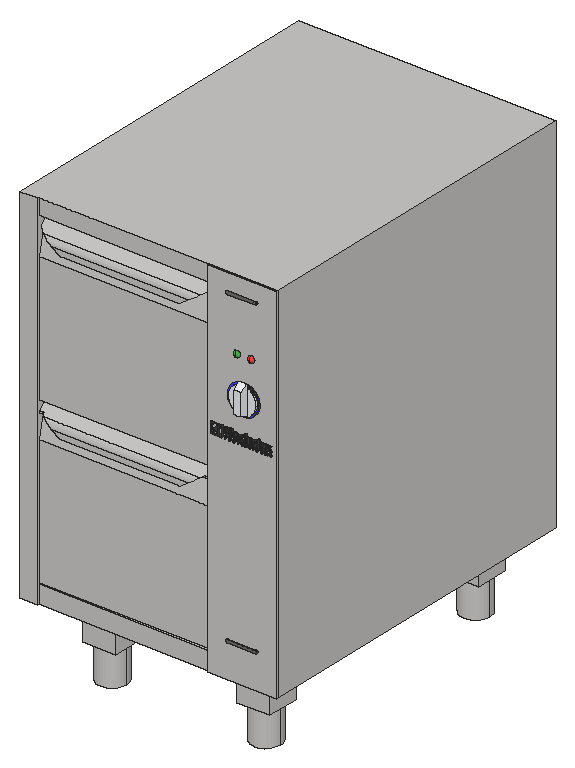
Revit family "QF_ELECTROLUXPROFESSIONAL_121832_TE2C5R", category Attrezzature speciali, Revit 2020
Family settings
  Quota connettore circolare = Usa diametro
  Tipo di parte = Normale
  Basato su piano di lavoro = No
  Sempre verticale = Sì
  Taglio con vuoti quando caricato = No
  Condiviso = No
  Punto di calcolo locali = No
Parameters (values of type "Standard")
  Weight = 38.00 kg
  Watts = 1400 W
  Volts = 230 V
  URL Manufacturer = "https://www.electroluxprofessional.com/"
  URL = "https://www.electroluxprofessional.com/"
  Steam Supply Size = 0 mm
  Steam Supply Minimum Pressure = 0.0 Pa
  Steam Supply Maximum Pressure = 0.0 Pa
  Steam Consumption per Hour = 0
  Refrigeration Suction Line Size = 0.0 mm
  Refrigeration Liquid Line Size = 0.0 mm
  Refrigerant Compressor Remote = yes
  Prospetto di default = 0.0 mm
  Phase = 1
  Modello = "TE2C5R"
  Produttore = "Electrolux Professional"
  Length Actual = 500.0 mm  # constant formula
  Item Number = "121832"
  Hot Water Size = 0 mm
  Height Actual = 860.0 mm  # constant formula
  HP = "1.9 HP"
  Gas Size = 0 mm
  Gas KW = 0
  Gas Input Pressure = 0 W
  Direct Waste Size = 0 mm
  Descrizione = "HOT CUPBOARD WITH 2 DRAWERS 500MM"
  Depth Actual = 680.0 mm  # constant formula
  Cycle = 50 Hz
  Condensate Return Size = 0 mm
  Compressed Air Volume = 0.0 L/s
  Compressed Air Size = 0 mm
  Compressed Air Pressure = 0.0 Pa
  Cold Water Size = 0 mm
  Accessory = yes
Reference planes
  plane 1 "Center (Front/Back)": y = 0
  plane 2: z = 0
  plane 3 "Center (Left/Right)": x = -300
  plane 4 "LEFT": x = -550
  plane 5 "RIGHT": x = -50
  plane 6 "BACK": y = 340
  plane 7 "FRONT": y = -340
  plane 8 "Base": z = 860
  plane 9 "TOP": z = 900
  plane 10: x = -450
  plane 11: x = -150
  plane 12: y = 270
  plane 13: y = -240
  plane 14 "FEET": z = 150
  plane 15: x = 152.5
  plane 16: x = -516
  plane 17: y = -337
  plane 18: y = 310
  plane 19: x = -184
Forms (mm)
  Extrusion 1, solid, material "QF_Finishes_Stainless Steel"
    sketch origin (0, 0, 150) x (-1, 0, 0) y (0, -1, 0)
      loop
        line (550, -340) -> (550, 340) -> (516, 340) -> (516, -340) -> (550, -340)
      loop
        line (184, -340) -> (184, 337) -> (50, 337) -> (50, -340) -> (184, -340)
    from 0 to 710
  Extrusion 2, solid, material "QF_Finishes_Stainless Steel"
    sketch origin (0, 0, 150) x (-1, 0, 0) y (0, -1, 0)
      loop
        line (516, -310) -> (516, 337) -> (184, 337) -> (184, -310) -> (516, -310)
    from 0 to 35
  Extrusion 3, solid, material "QF_Finishes_Stainless Steel"
    sketch origin (0, 0, 0) x (1, 0, 0) y (0, 1, 0)
      loop
        line (-516, -337) -> (-184, -337) -> (-184, 340) -> (-516, 340) -> (-516, -337)
    from 830 to 860
  Extrusion 4, solid, material "QF_Finishes_Stainless Steel"
    sketch origin (0, 0, 150) x (-1, 0, 0) y (0, -1, 0)
      loop
        line (516, -340) -> (516, -310) -> (184, -310) -> (184, -340) -> (516, -340)
    from 680 to 0
Cuts and joins
  joined: Extrusion 1, Extrusion 3, Extrusion 4
Lines and regions (mm)
  symbolic lines, style "SpecialityEquipmentHiddenLines"
    curve 1: line (-50, 340, 900) -> (-550, 340, 900)
    curve 2: line (-50, -340, 900) -> (-50, 340, 900)
    curve 3: line (-550, -344.5, 150) -> (-550, 340, 150)
    curve 4: line (-550, -340, 150) -> (-516, -340, 150)
    curve 5: line (-516, -340, 150) -> (-516, -337, 150)
    curve 6: line (-516, -337, 150) -> (-184, -337, 150)
    curve 7: line (-184, -337, 150) -> (-184, -340, 150)
    curve 8: line (-184, -340, 150) -> (-50, -340, 150)
Dimensions and locks
  plane 4 "LEFT" to plane 5 "RIGHT" = 500.0 mm
  equal spacing: plane 4 "LEFT", plane 3 "Center (Left/Right)", plane 5 "RIGHT"
  plane 6 "BACK" to plane 7 "FRONT" = 680.0 mm
  equal spacing: plane 6 "BACK", plane 1 "Center (Front/Back)", plane 7 "FRONT"
  locked: plane 14 "FEET" to level at 150
  locked: plane 4 "LEFT" to plane 10 at 100
  locked: plane 11 to plane 5 "RIGHT" at 100
  locked: plane 4 "LEFT" to plane 16 at 34
  plane 17 to plane 7 "FRONT" = 3.0 mm
  plane 6 "BACK" to plane 18 = 30.0 mm
  locked: plane 6 "BACK" to plane 12 at 70
  locked: plane 13 to plane 7 "FRONT" at 100
  locked: plane 8 "Base" to level at 860
  locked: plane 9 "TOP" to level at 900
  plane 19 to plane 5 "RIGHT" = 134.0 mm
  aligned and locked: level to plane 2
  aligned and locked: plane 10 to nested 1
  aligned and locked: plane 11 to nested 2
  aligned and locked: nested 4 to plane 12
  aligned and locked: plane 10 to nested 3
  aligned and locked: nested 3 to plane 12
  aligned and locked: plane 8 "Base" to Extrusion 1
  aligned and locked: plane 6 "BACK" to Extrusion 1 sketch curve
  aligned and locked: Extrusion 1 sketch curve to plane 6 "BACK"
  aligned and locked: Extrusion 1 sketch curve to plane 7 "FRONT"
  aligned and locked: plane 16 to Extrusion 1
  aligned and locked: Extrusion 2 to plane 16
  aligned and locked: plane 8 "Base" to Extrusion 3
  aligned and locked: Extrusion 2 to plane 17
  aligned and locked: Extrusion 2 to plane 18
  aligned and locked: Extrusion 3 to plane 17
  aligned and locked: plane 16 to Extrusion 4 sketch curve
  aligned and locked: Extrusion 4 sketch curve to plane 6 "BACK"
  aligned and locked: Extrusion 4 sketch curve to plane 18
  aligned and locked: Extrusion 4 to Extrusion 3
  aligned and locked: Extrusion 4 to plane 14 "FEET"
  aligned and locked: plane 6 "BACK" to Extrusion 3
  aligned and locked: nested 1 to plane 13
  aligned and locked: nested 2 to plane 13
  aligned and locked: plane 19 to Extrusion 3
  aligned and locked: Extrusion 2 sketch curve to plane 19
Automatic sketch dimensions
  curve 2 to plane 5 "RIGHT" = 0.0 mm
  curve 2 to plane 7 "FRONT" = 0.0 mm
  curve 1 to plane 4 "LEFT" = 0.0 mm
  curve 1 to plane 6 "BACK" = 0.0 mm
  Extrusion 2 sketch curve to plane 16 = 0.0 mm
  plane 18 to Extrusion 2 sketch curve = 0.0 mm
  Extrusion 2 sketch curve to plane 17 = 0.0 mm
  curve 8 to plane 5 "RIGHT" = 0.0 mm
  curve 8 to plane 7 "FRONT" = 0.0 mm
  curve 6 to plane 16 = 0.0 mm
  curve 3 to plane 4 "LEFT" = 0.0 mm
  curve 3 to plane 6 "BACK" = 0.0 mm
  curve 6 to plane 17 = 0.0 mm
  curve 4 to plane 7 "FRONT" = 0.0 mm
  curve 4 to curve 3 = 4.5 mm
  Extrusion 3 sketch curve to plane 16 = 0.0 mm
  Extrusion 3 sketch curve to plane 17 = 0.0 mm
  Extrusion 3 sketch curve to plane 18 = 30.0 mm
  curve 8 to curve 8 = 134.0 mm
  Extrusion 3 sketch curve to plane 5 "RIGHT" = 134.0 mm
  Extrusion 4 sketch curve to plane 5 "RIGHT" = 134.0 mm
  Extrusion 1 sketch curve to plane 5 "RIGHT" = 0.0 mm
  Extrusion 1 sketch curve to plane 17 = 0.0 mm
  Extrusion 1 sketch curve to plane 16 = 0.0 mm
  Extrusion 1 sketch curve to plane 4 "LEFT" = 0.0 mm
  Extrusion 1 sketch curve to Extrusion 1 sketch curve = 134.0 mm
Nested families
  nested 1: "FEET_L63-150" at (-450, -240, 0), type "FEET_L63-150"
  nested 2: "FEET_L63-150" at (-150, -240, 0), type "FEET_L63-150"
  nested 3: "FEET_L63-150" at (-450, 270, 0), type "FEET_L63-150"
  nested 4: "FEET_L63-150" at (-150, 270, 0), type "FEET_L63-150"
  nested 5: "PANEL_ELX_HOTCUP_134" at (-153.042, -337, 150) x (1, 0, 0) z (0, -1, 0), type "PANEL_ELX_HOTCUP_134"
    with Width 134.0 mm, Show Clearance yes
  nested 6: "H637_400_2DRAWERS" at (-386.042, -297, 150) x (1, 0, 0) z (0, -1, 0), type "H637_400_2drawers"
    with Width 400.0 mm, Show Clearance yes
Definition of nested family "FEET_L63-150"
  Parameters
    Default Elevation = 0.0 mm
    FEET = 150.0 mm
  Reference planes
    plane 1 "Center (Front/Back)": y = 0
    plane 2: z = 0
    plane 3 "Center (Left/Right)": x = 0
    plane 4: z = 150
  Forms (mm)
    Extrusion 1, solid
      sketch origin (0, 0, 0) x (1, 0, 0) y (0, 1, 0)
        loop
          circle (0, 0) r 28
      from 0 to 67
    Extrusion 2, solid
      sketch origin (0, 0, 0) x (1, 0, 0) y (0, 1, 0)
        loop
          line (31.561, 31.5) -> (-31.439, 31.5) -> (-31.439, -31.5) -> (31.561, -31.5) -> (31.561, 31.5)
      from 67 to 150 <- "FEET"
  Lines and regions (mm)
    symbolic lines
      curve 1: line (0, -1.503, 0) -> (0, 1.508, 0)
      curve 2: line (1.561, 0, 0) -> (-1.439, 0, 0)
  Dimensions and locks
    "FEET": plane 4 to plane 2
    aligned and locked: level to plane 2
  Automatic sketch dimensions
    plane 1 "Center (Front/Back)" to Extrusion 1 sketch curve = 0.0 mm
    Extrusion 1 sketch curve to plane 3 "Center (Left/Right)" = 0.0 mm
    plane 1 "Center (Front/Back)" to curve 2 = 0.0 mm
    curve 1 to plane 3 "Center (Left/Right)" = 0.0 mm
    curve 2 to plane 3 "Center (Left/Right)" = 1.439 mm
    plane 3 "Center (Left/Right)" to curve 2 = 1.561 mm
    plane 1 "Center (Front/Back)" to curve 1 = 1.503 mm
    curve 1 to plane 1 "Center (Front/Back)" = 1.508 mm
    Extrusion 2 sketch curve to plane 1 "Center (Front/Back)" = 31.5 mm
    Extrusion 2 sketch curve to plane 3 "Center (Left/Right)" = 31.439 mm
    plane 3 "Center (Left/Right)" to Extrusion 2 sketch curve = 31.561 mm
    plane 1 "Center (Front/Back)" to Extrusion 2 sketch curve = 31.5 mm
    radius of Extrusion 1 sketch curve = 28.0 mm
Definition of nested family "PANEL_ELX_HOTCUP_134"
  Parameters
    Width [instance] = 134.0 mm
    Show Clearance [instance] = yes
    Model = "727995"
    Height = 710.0 mm
    Default Elevation = 0.0 mm
  Reference planes
    plane 1 "Center (Front/Back)": y = 0
    plane 2: z = 0
    plane 3 "Center (Left/Right)": x = 36.042
    plane 4 "panel": z = 3
    plane 5 "Left": x = -30.958
    plane 6 "Right": x = 103.042
    plane 7: y = 710
    plane 8 "L1": x = 26.042
    plane 9 "L2": x = 54.042
    plane 10: y = 575
  Forms (mm)
    Extrusion 1, solid
      sketch origin (0, -919.2, 0) x (1, 0, 0) y (0, 1, 0)
        loop
          line (-980.5, 2119.2) -> (-980.5, -162.846) -> (881.94, -162.846) -> (881.94, 2119.2) -> (-980.5, 2119.2)
      from 0 to -59.546
    Extrusion 2, solid
      sketch origin (36.042, -190, 0) x (0, 1, 0) y (0, 0, 1)
        loop
          line (190, 3) -> (190, 0) -> (900, 0) -> (900, 3) -> (190, 3)
      from 67 to -67
    Extrusion 3, solid
      sketch origin (0, 0, 0) x (1, 0, 0) y (0, 1, 0)
        loop
          line (9.042, 673.5) -> (63.042, 673.5)
          arc (63.042, 673.5) -> (66.042, 676.5) -> (63.042, 679.5) r 3
          line (63.042, 679.5) -> (9.042, 679.5)
          arc (9.042, 679.5) -> (6.042, 676.5) -> (9.042, 673.5) r 3
        loop
          line (9.042, 65) -> (63.042, 65)
          arc (63.042, 65) -> (66.042, 68) -> (63.042, 71) r 3
          line (63.042, 71) -> (9.042, 71)
          arc (9.042, 71) -> (6.042, 68) -> (9.042, 65) r 3
      from 3 to 4.6
    Extrusion 4, solid
      sketch origin (0, 0, 0) x (1, 0, 0) y (0, 1, 0)
        loop
          circle (40.042, 500) r 30
      from 0 to 5
    Extrusion 5, solid
      sketch origin (0, 0, 0) x (1, 0, 0) y (0, 1, 0)
        loop
          circle (40.042, 500) r 26.788
      from 7 to 5
    Blend 6, solid
      base sketch origin (0, 0, 0) x (1, 0, 0) y (0, 1, 0)
        loop
          arc (48.106, 530.45) -> (40.022, 531.5) -> (31.94, 530.44) r 31.5
          line (31.94, 530.44) -> (31.94, 474.458)
          arc (31.94, 474.458) -> (40.023, 473.209) -> (48.106, 474.454) r 26.815
          line (48.106, 474.454) -> (48.106, 530.45)
      top sketch origin (0, 0, 0) x (1, 0, 0) y (0, 1, 0)
        loop
          arc (47.007, 520.889) -> (40.042, 522.019) -> (33.077, 520.889) r 22.019
          line (33.077, 520.889) -> (33.077, 480.699)
          arc (33.077, 480.699) -> (40.042, 479.481) -> (47.007, 480.699) r 20.519
          line (47.007, 480.699) -> (47.007, 520.889)
      from 7 to 20
    Revolve 7, solid
      sketch origin (26.042, 0, 0) x (0, 1, 0) y (0, 0, 1)
        loop
          line (575, 3) -> (581, 3)
          arc (581, 3) -> (578.606, 5.908) -> (575, 7) r 6.5
          line (575, 7) -> (575, 3)
        axis (575, 7) -> (575, 3)
      angle from 0 to 360
    Revolve 8, solid
      sketch origin (54.042, 0, 0) x (0, 1, 0) y (0, 0, 1)
        loop
          line (575, 3) -> (581, 3)
          arc (581, 3) -> (578.606, 5.908) -> (575, 7) r 6.5
          line (575, 7) -> (575, 3)
        axis (575, 7) -> (575, 3)
      angle from 0 to 360
  Dimensions and locks
    plane 4 "panel" to level = 3.0 mm
    "Width": plane 5 "Left" to plane 6 "Right"
    equal spacing: plane 5 "Left", plane 3 "Center (Left/Right)", plane 6 "Right"
    "Height": plane 1 "Center (Front/Back)" to plane 7
    aligned and locked: plane 2 to Extrusion 1
    aligned and locked: level to Extrusion 1
    aligned and locked: plane 7 to Extrusion 2
    aligned and locked: plane 6 "Right" to Extrusion 2
    aligned and locked: Extrusion 2 to plane 5 "Left"
    aligned and locked: plane 1 "Center (Front/Back)" to Extrusion 2
  Automatic sketch dimensions
    Extrusion 1 sketch curve to Extrusion 1 sketch curve = 1862.44 mm
    Extrusion 1 sketch curve to Extrusion 1 sketch curve = 2282.046 mm
    Extrusion 2 sketch curve to plane 1 "Center (Front/Back)" = 0.0 mm
    Extrusion 2 sketch curve to level = 0.0 mm
    Extrusion 2 sketch curve to plane 7 = 0.0 mm
    Extrusion 2 sketch curve to plane 4 "panel" = 0.0 mm
    Extrusion 3 sketch curve to plane 8 "L1" = 17.0 mm  (x2)
    plane 9 "L2" to Extrusion 3 sketch curve = 9.0 mm  (x2)
    Extrusion 3 sketch curve to plane 1 "Center (Front/Back)" = 65.0 mm
    Extrusion 3 sketch curve to Extrusion 3 sketch curve = 3.0 mm  (x2)
    Extrusion 3 sketch curve to plane 7 = 36.5 mm
    plane 3 "Center (Left/Right)" to Extrusion 4 sketch curve = 4.0 mm
    Extrusion 4 sketch curve to plane 10 = 75.0 mm
    plane 3 "Center (Left/Right)" to Extrusion 5 sketch curve = 4.0 mm
    Extrusion 5 sketch curve to plane 10 = 75.0 mm
    Blend 6 sketch curve to plane 3 "Center (Left/Right)" = 4.102 mm
    plane 3 "Center (Left/Right)" to Blend 6 sketch curve = 3.988 mm
    Blend 6 sketch curve to Blend 6 sketch curve = 0.012 mm
    Blend 6 sketch curve to plane 9 "L2" = 5.936 mm
    Blend 6 sketch curve to plane 10 = 100.546 mm
    Blend 6 sketch curve to Blend 6 sketch curve = 0.004 mm
    Blend 6 sketch curve to Blend 6 sketch curve = 0.024 mm
    Blend 6 sketch curve to Blend 6 sketch curve = 30.416 mm
    Blend 6 sketch curve to Blend 6 sketch curve = 0.0 mm  (x2)
    Blend 6 sketch curve to plane 3 "Center (Left/Right)" = 2.965 mm
    plane 3 "Center (Left/Right)" to Blend 6 sketch curve = 4.0 mm
    Blend 6 sketch curve to plane 9 "L2" = 7.035 mm
    Blend 6 sketch curve to plane 10 = 94.301 mm
    Blend 6 sketch curve to Blend 6 sketch curve = 19.301 mm
    Blend 6 sketch curve to Blend 6 sketch curve = 20.889 mm
    Revolve 7 sketch curve to plane 4 "panel" = 0.0 mm
    Revolve 7 sketch curve to plane 10 = 0.0 mm  (x2)
    plane 10 to Revolve 7 sketch curve = 6.0 mm
    level to Revolve 7 sketch curve = 0.5 mm
    Revolve 7 sketch curve to Revolve 7 sketch curve = 0.57 mm
    Revolve 7 sketch curve to Revolve 7 sketch curve = 2.941 mm
    Revolve 8 sketch curve to plane 4 "panel" = 0.0 mm
    Revolve 8 sketch curve to plane 10 = 0.0 mm  (x2)
    plane 10 to Revolve 8 sketch curve = 6.0 mm
    level to Revolve 8 sketch curve = 0.5 mm
    Revolve 8 sketch curve to Revolve 8 sketch curve = 0.57 mm
    Revolve 8 sketch curve to Revolve 8 sketch curve = 2.941 mm
    radius of Extrusion 4 sketch curve = 30.0 mm
    radius of Extrusion 5 sketch curve = 26.788 mm
  Nested families
    nested 1: "ELX_Professional_Logo_Small" at (36.042, 430.35, 3), type "ELX_Professional_Logo_Small"
      with Show Logo yes, Material_Logo none
  Definition of nested family "ELX_Professional_Logo_Small"
    Parameters
      Show Logo [instance] = yes
      Material_Logo [instance] = none
      Default Elevation = 0.0 mm
    Reference planes
      plane 1 "Centro (Fronte/Retro)": y = 0
      plane 2: z = 0
      plane 3 "Centro (Sinistra/Destra)": x = 0
    Forms (mm)
      Extrusion 1, solid
        sketch origin (0, 0, 0) x (1, 0, 0) y (0, 1, 0)
          loop
            line (-1219.2, 1219.2) -> (-1219.2, -1219.2) -> (1219.2, -1219.2) -> (1219.2, 1219.2) -> (-1219.2, 1219.2)
        from 0 to -304.8
      Extrusion 2, solid, material <- "Material_Logo"
        sketch origin (15.5, 0, 0) x (1, 0, 0) y (0, 1, 0)
          loop
            spline (-42.99, -1.24) -> (-43.195, -1.231) -> (-43.415, -1.203) -> (-43.642, -1.152) -> (-43.87, -1.074) -> (-44.095, -0.966) -> (-44.309, -0.825) -> (-44.506, -0.647) -> (-44.681, -0.429) -> (-44.828, -0.167) -> (-44.94, 0.142) -> (-45.011, 0.501) -> (-45.037, 0.915)
            line (-45.037, 0.915) -> (-45.037, 2.748) -> (-38.984, 2.748) -> (-38.984, 5.086) -> (-45.038, 5.086) -> (-45.038, 8.489) -> (-38.599, 8.489) -> (-38.599, 10.82) -> (-47.515, 10.82) -> (-47.515, 1.021)
            spline (-47.515, 1.021) -> (-47.493, 0.418) -> (-47.425, -0.15) -> (-47.311, -0.682) -> (-47.15, -1.175) -> (-46.939, -1.628) -> (-46.678, -2.038) -> (-46.365, -2.404) -> (-46, -2.723) -> (-45.58, -2.995) -> (-45.105, -3.216) -> (-44.573, -3.385) -> (-43.983, -3.499)
            line (-43.983, -3.499) -> (-43.01, -3.569) -> (-38.426, -3.569) -> (-38.426, -1.24) -> (-42.99, -1.24)
          loop
            line (-36.666, 4.021) -> (-36.666, -3.573) -> (-34.188, -3.573) -> (-34.188, 10.824) -> (-36.666, 10.824) -> (-36.666, 4.021)
          loop
            spline (-21.915, 1.897) -> (-21.957, 2.615) -> (-22.082, 3.303) -> (-22.285, 3.955) -> (-22.563, 4.564) -> (-22.913, 5.124) -> (-23.331, 5.629) -> (-23.814, 6.074) -> (-24.359, 6.451) -> (-24.961, 6.755) -> (-25.618, 6.98) -> (-26.326, 7.119) -> (-27.081, 7.167)
            spline (-27.081, 7.167) -> (-27.853, 7.122) -> (-28.586, 6.99) -> (-29.275, 6.774) -> (-29.915, 6.478) -> (-30.5, 6.104) -> (-31.024, 5.657) -> (-31.483, 5.138) -> (-31.871, 4.553) -> (-32.182, 3.904) -> (-32.411, 3.194) -> (-32.552, 2.427) -> (-32.6, 1.606)
            spline (-32.6, 1.606) -> (-32.553, 0.805) -> (-32.416, 0.057) -> (-32.193, -0.637) -> (-31.887, -1.271) -> (-31.504, -1.843) -> (-31.048, -2.35) -> (-30.523, -2.788) -> (-29.934, -3.154) -> (-29.284, -3.444) -> (-28.579, -3.656) -> (-27.822, -3.785) -> (-27.019, -3.829)
            spline (-27.019, -3.829) -> (-26.627, -3.82) -> (-26.239, -3.79) -> (-25.856, -3.739) -> (-25.477, -3.663) -> (-25.103, -3.562) -> (-24.734, -3.432) -> (-24.369, -3.273) -> (-24.01, -3.082) -> (-23.655, -2.858) -> (-23.305, -2.597) -> (-22.96, -2.299) -> (-22.621, -1.962)
            line (-22.621, -1.962) -> (-24.114, -0.509)
            spline (-24.114, -0.509) -> (-24.311, -0.699) -> (-24.509, -0.872) -> (-24.71, -1.03) -> (-24.915, -1.172) -> (-25.126, -1.297) -> (-25.346, -1.407) -> (-25.576, -1.5) -> (-25.817, -1.576) -> (-26.072, -1.636) -> (-26.342, -1.678) -> (-26.629, -1.704) -> (-26.936, -1.713)
            spline (-26.936, -1.713) -> (-27.384, -1.691) -> (-27.805, -1.625) -> (-28.196, -1.518) -> (-28.556, -1.372) -> (-28.882, -1.187) -> (-29.174, -0.966) -> (-29.429, -0.71) -> (-29.645, -0.422) -> (-29.821, -0.102) -> (-29.955, 0.247) -> (-30.045, 0.623) -> (-30.089, 1.026)
            line (-30.089, 1.026) -> (-21.956, 1.026) -> (-21.915, 1.897)
          loop
            spline (-24.446, 2.769) -> (-24.47, 3.075) -> (-24.54, 3.37) -> (-24.654, 3.65) -> (-24.807, 3.913) -> (-24.996, 4.156) -> (-25.219, 4.376) -> (-25.472, 4.57) -> (-25.753, 4.736) -> (-26.057, 4.869) -> (-26.382, 4.968) -> (-26.724, 5.03) -> (-27.081, 5.051)
            spline (-27.081, 5.051) -> (-27.464, 5.03) -> (-27.832, 4.97) -> (-28.183, 4.872) -> (-28.513, 4.74) -> (-28.819, 4.577) -> (-29.099, 4.384) -> (-29.347, 4.165) -> (-29.563, 3.923) -> (-29.742, 3.659) -> (-29.881, 3.377) -> (-29.977, 3.079) -> (-30.027, 2.769)
            line (-30.027, 2.769) -> (-24.446, 2.769)
          loop
            spline (-18.167, 1.669) -> (-18.138, 2.13) -> (-18.055, 2.567) -> (-17.921, 2.978) -> (-17.739, 3.358) -> (-17.512, 3.705) -> (-17.243, 4.016) -> (-16.937, 4.287) -> (-16.596, 4.517) -> (-16.223, 4.7) -> (-15.823, 4.835) -> (-15.398, 4.919) -> (-14.951, 4.947)
            spline (-14.951, 4.947) -> (-14.677, 4.938) -> (-14.414, 4.913) -> (-14.162, 4.871) -> (-13.921, 4.812) -> (-13.69, 4.738) -> (-13.467, 4.649) -> (-13.254, 4.544) -> (-13.048, 4.424) -> (-12.85, 4.291) -> (-12.659, 4.143) -> (-12.474, 3.981) -> (-12.295, 3.806)
            line (-12.295, 3.806) -> (-10.76, 5.403)
            spline (-10.76, 5.403) -> (-11.065, 5.709) -> (-11.38, 5.984) -> (-11.703, 6.228) -> (-12.035, 6.443) -> (-12.375, 6.63) -> (-12.723, 6.788) -> (-13.078, 6.92) -> (-13.44, 7.026) -> (-13.809, 7.107) -> (-14.184, 7.164) -> (-14.564, 7.198) -> (-14.951, 7.209)
            spline (-14.951, 7.209) -> (-15.725, 7.161) -> (-16.467, 7.02) -> (-17.169, 6.792) -> (-17.826, 6.482) -> (-18.43, 6.096) -> (-18.976, 5.637) -> (-19.455, 5.112) -> (-19.862, 4.525) -> (-20.19, 3.882) -> (-20.433, 3.189) -> (-20.584, 2.449) -> (-20.635, 1.669)
            spline (-20.635, 1.669) -> (-20.584, 0.889) -> (-20.433, 0.149) -> (-20.19, -0.545) -> (-19.862, -1.187) -> (-19.455, -1.774) -> (-18.976, -2.299) -> (-18.43, -2.758) -> (-17.826, -3.145) -> (-17.169, -3.454) -> (-16.467, -3.682) -> (-15.725, -3.823) -> (-14.951, -3.871)
            spline (-14.951, -3.871) -> (-14.564, -3.86) -> (-14.184, -3.826) -> (-13.809, -3.77) -> (-13.44, -3.689) -> (-13.078, -3.583) -> (-12.723, -3.451) -> (-12.375, -3.292) -> (-12.035, -3.105) -> (-11.703, -2.89) -> (-11.38, -2.646) -> (-11.065, -2.371) -> (-10.76, -2.066)
            line (-10.76, -2.066) -> (-12.295, -0.468)
            spline (-12.295, -0.468) -> (-12.474, -0.643) -> (-12.659, -0.805) -> (-12.85, -0.953) -> (-13.048, -1.087) -> (-13.254, -1.206) -> (-13.467, -1.311) -> (-13.69, -1.4) -> (-13.921, -1.475) -> (-14.162, -1.533) -> (-14.414, -1.575) -> (-14.677, -1.6) -> (-14.951, -1.609)
            spline (-14.951, -1.609) -> (-15.398, -1.581) -> (-15.823, -1.497) -> (-16.223, -1.362) -> (-16.596, -1.179) -> (-16.937, -0.95) -> (-17.243, -0.678) -> (-17.512, -0.367) -> (-17.739, -0.02) -> (-17.921, 0.36) -> (-18.055, 0.771) -> (-18.138, 1.208) -> (-18.167, 1.669)
          loop
            spline (-4.441, -1.243) -> (-4.659, -1.247) -> (-4.894, -1.23) -> (-5.137, -1.19) -> (-5.384, -1.121) -> (-5.628, -1.021) -> (-5.864, -0.884) -> (-6.084, -0.708) -> (-6.283, -0.488) -> (-6.454, -0.219) -> (-6.592, 0.101) -> (-6.69, 0.478) -> (-6.742, 0.914)
            line (-6.742, 0.914) -> (-6.742, 4.587) -> (-4.487, 4.587) -> (-4.487, 6.838) -> (-6.738, 6.838) -> (-6.738, 10.824) -> (-9.217, 10.824) -> (-9.217, 0.773)
            spline (-9.217, 0.773) -> (-9.164, 0.19) -> (-9.068, -0.358) -> (-8.928, -0.87) -> (-8.742, -1.343) -> (-8.511, -1.777) -> (-8.232, -2.168) -> (-7.904, -2.515) -> (-7.527, -2.816) -> (-7.098, -3.069) -> (-6.618, -3.273) -> (-6.084, -3.426) -> (-5.496, -3.525)
            line (-5.496, -3.525) -> (-4.45, -3.573) -> (-4.441, -1.243)
          loop
            spline (3.898, 6.983) -> (3.469, 7.009) -> (3.056, 7.001) -> (2.661, 6.961) -> (2.283, 6.888) -> (1.925, 6.785) -> (1.588, 6.652) -> (1.272, 6.49) -> (0.979, 6.301) -> (0.71, 6.085) -> (0.465, 5.844) -> (0.247, 5.578) -> (0.056, 5.289)
            line (0.056, 5.289) -> (0.056, 6.838) -> (-2.402, 6.838) -> (-2.402, -3.572) -> (0.056, -3.572) -> (0.056, 1.901)
            spline (0.056, 1.901) -> (0.079, 2.316) -> (0.145, 2.703) -> (0.254, 3.06) -> (0.404, 3.386) -> (0.592, 3.679) -> (0.818, 3.938) -> (1.08, 4.162) -> (1.375, 4.348) -> (1.703, 4.495) -> (2.062, 4.602) -> (2.45, 4.668) -> (2.865, 4.69)
            line (2.865, 4.69) -> (3.898, 4.586) -> (3.898, 6.983)
          loop
            spline (15.638, 1.633) -> (15.586, 2.396) -> (15.435, 3.124) -> (15.192, 3.81) -> (14.863, 4.449) -> (14.455, 5.034) -> (13.975, 5.56) -> (13.43, 6.021) -> (12.826, 6.411) -> (12.17, 6.724) -> (11.469, 6.955) -> (10.729, 7.098) -> (9.958, 7.147)
            spline (9.958, 7.147) -> (9.182, 7.098) -> (8.44, 6.955) -> (7.737, 6.724) -> (7.081, 6.411) -> (6.477, 6.021) -> (5.933, 5.56) -> (5.454, 5.034) -> (5.048, 4.449) -> (4.721, 3.81) -> (4.479, 3.124) -> (4.329, 2.396) -> (4.277, 1.633)
            spline (4.277, 1.633) -> (4.329, 0.869) -> (4.479, 0.141) -> (4.721, -0.544) -> (5.048, -1.183) -> (5.454, -1.768) -> (5.933, -2.294) -> (6.477, -2.755) -> (7.081, -3.145) -> (7.737, -3.459) -> (8.44, -3.69) -> (9.182, -3.833) -> (9.958, -3.882)
            spline (9.958, -3.882) -> (10.729, -3.833) -> (11.469, -3.69) -> (12.17, -3.459) -> (12.826, -3.145) -> (13.43, -2.755) -> (13.975, -2.294) -> (14.455, -1.768) -> (14.863, -1.183) -> (15.192, -0.544) -> (15.435, 0.141) -> (15.586, 0.869) -> (15.638, 1.633)
          loop
            spline (13.18, 1.633) -> (13.151, 2.083) -> (13.067, 2.513) -> (12.932, 2.918) -> (12.748, 3.296) -> (12.52, 3.642) -> (12.251, 3.954) -> (11.943, 4.227) -> (11.601, 4.459) -> (11.228, 4.645) -> (10.828, 4.782) -> (10.403, 4.867) -> (9.958, 4.896)
            spline (9.958, 4.896) -> (9.509, 4.867) -> (9.081, 4.782) -> (8.679, 4.645) -> (8.306, 4.459) -> (7.964, 4.227) -> (7.658, 3.954) -> (7.39, 3.642) -> (7.163, 3.296) -> (6.981, 2.918) -> (6.847, 2.513) -> (6.765, 2.083) -> (6.736, 1.633)
            spline (6.736, 1.633) -> (6.765, 1.182) -> (6.847, 0.753) -> (6.981, 0.347) -> (7.163, -0.031) -> (7.39, -0.377) -> (7.658, -0.689) -> (7.964, -0.962) -> (8.306, -1.193) -> (8.679, -1.38) -> (9.081, -1.517) -> (9.509, -1.602) -> (9.958, -1.631)
            spline (9.958, -1.631) -> (10.403, -1.602) -> (10.828, -1.517) -> (11.228, -1.38) -> (11.601, -1.193) -> (11.943, -0.962) -> (12.251, -0.689) -> (12.52, -0.377) -> (12.748, -0.031) -> (12.932, 0.347) -> (13.067, 0.753) -> (13.151, 1.182) -> (13.18, 1.633)
          loop
            line (17.162, 4.269) -> (17.162, -3.573) -> (19.642, -3.573) -> (19.642, 10.824) -> (17.162, 10.824) -> (17.162, 4.269)
          loop
            line (28.581, 6.838) -> (28.581, 0.786)
            spline (28.581, 0.786) -> (28.561, 0.393) -> (28.503, 0.038) -> (28.409, -0.279) -> (28.281, -0.559) -> (28.122, -0.802) -> (27.933, -1.011) -> (27.717, -1.185) -> (27.476, -1.325) -> (27.213, -1.433) -> (26.929, -1.509) -> (26.626, -1.554) -> (26.308, -1.569)
            spline (26.308, -1.569) -> (25.99, -1.554) -> (25.688, -1.509) -> (25.404, -1.434) -> (25.141, -1.326) -> (24.9, -1.187) -> (24.684, -1.014) -> (24.496, -0.807) -> (24.336, -0.565) -> (24.209, -0.288) -> (24.115, 0.026) -> (24.057, 0.376) -> (24.037, 0.765)
            line (24.037, 0.765) -> (24.037, 6.838) -> (21.537, 6.838) -> (21.537, 0.558)
            spline (21.537, 0.558) -> (21.581, -0.153) -> (21.71, -0.8) -> (21.916, -1.384) -> (22.195, -1.904) -> (22.54, -2.362) -> (22.944, -2.757) -> (23.403, -3.09) -> (23.909, -3.362) -> (24.456, -3.572) -> (25.04, -3.722) -> (25.652, -3.811) -> (26.288, -3.841)
            spline (26.288, -3.841) -> (26.929, -3.811) -> (27.547, -3.72) -> (28.135, -3.568) -> (28.687, -3.355) -> (29.197, -3.079) -> (29.66, -2.741) -> (30.068, -2.341) -> (30.415, -1.877) -> (30.696, -1.349) -> (30.905, -0.757) -> (31.034, -0.101) -> (31.079, 0.621)
            line (31.079, 0.621) -> (31.079, 6.838) -> (28.581, 6.838)
          loop
            line (40.457, -0.243) -> (38.894, 1.942) -> (40.83, 4.579) -> (42.488, 6.837) -> (39.782, 6.837) -> (37.53, 3.719) -> (35.258, 6.837) -> (32.573, 6.837) -> (34.113, 4.731) -> (36.167, 1.922) -> (34.014, -1.076) -> (32.222, -3.573) -> (34.887, -3.573) -> (37.53, 0.104) -> (40.174, -3.573) -> (42.839, -3.573) -> (40.457, -0.243)
          loop
            line (-46.121, -5.837) -> (-48.039, -5.837) -> (-48.039, -10.814) -> (-47.016, -10.814) -> (-47.016, -9.128) -> (-46.121, -9.128)
            arc (-46.121, -9.128) -> (-44.476, -7.482) -> (-46.121, -5.837) r 1.645
          loop
            line (-46.163, -6.778) -> (-47.016, -6.778) -> (-47.016, -8.187) -> (-46.163, -8.187)
            arc (-46.163, -8.187) -> (-45.458, -7.482) -> (-46.163, -6.778) r 0.704
          loop
            line (-38.313, -5.837) -> (-40.265, -5.837) -> (-40.265, -10.814) -> (-39.241, -10.814) -> (-39.241, -9.1) -> (-38.46, -9.182) -> (-37.48, -10.814) -> (-36.318, -10.814) -> (-37.513, -8.848)
            arc (-37.513, -8.848) -> (-36.888, -8.266) -> (-36.671, -7.441) r 1.536
            arc (-36.671, -7.441) -> (-37.165, -6.305) -> (-38.313, -5.837) r 1.643
          loop
            arc (-38.402, -8.166) -> (-37.707, -7.505) -> (-38.334, -6.778) r 0.696
            line (-38.334, -6.778) -> (-39.241, -6.778) -> (-39.241, -8.166) -> (-38.402, -8.166)
          loop
            circle (-29.965, -8.325) r 2.585
          loop
            circle (-29.965, -8.325) r 1.64
          loop
            line (-23.1, -5.837) -> (-23.1, -10.814) -> (-22.076, -10.814) -> (-22.076, -8.768) -> (-20.204, -8.768) -> (-20.204, -7.828) -> (-22.076, -7.828) -> (-22.076, -6.778) -> (-20.024, -6.778) -> (-20.024, -5.837) -> (-23.1, -5.837)
          loop
            line (-15.802, -5.837) -> (-15.802, -9.2)
            arc (-15.802, -9.2) -> (-15.343, -10.34) -> (-14.209, -10.814) r 1.593
            line (-14.209, -10.814) -> (-12.602, -10.814) -> (-12.602, -10.027) -> (-14.004, -10.027)
            arc (-14.004, -10.027) -> (-14.552, -9.8) -> (-14.779, -9.252) r 0.775
            line (-14.779, -9.252) -> (-14.779, -8.424) -> (-12.789, -8.424) -> (-12.789, -7.642) -> (-14.779, -7.642) -> (-14.779, -6.778) -> (-12.651, -6.778) -> (-12.651, -5.837) -> (-15.802, -5.837)
          loop
            line (-5.909, -7.143) -> (-5.173, -6.638)
            arc (-5.173, -6.638) -> (-5.855, -5.974) -> (-6.781, -5.755) r 1.782
            arc (-6.781, -5.755) -> (-7.397, -5.878) -> (-7.944, -6.189) r 1.974
            arc (-7.944, -6.189) -> (-8.202, -6.5) -> (-8.317, -6.888) r 1.013
            arc (-8.317, -6.888) -> (-8.306, -7.341) -> (-8.192, -7.78) r 1.985
            arc (-8.192, -7.78) -> (-7.749, -8.259) -> (-7.171, -8.563) r 1.928
            arc (-7.171, -8.563) -> (-6.637, -8.779) -> (-6.131, -9.056) r 5.041
            arc (-6.131, -9.056) -> (-5.934, -9.387) -> (-6.09, -9.74) r 0.42
            arc (-6.09, -9.74) -> (-6.631, -9.96) -> (-7.204, -9.845) r 1.016
            arc (-7.204, -9.845) -> (-7.625, -9.603) -> (-7.889, -9.196) r 1.033
            line (-7.889, -9.196) -> (-8.67, -9.686)
            arc (-8.67, -9.686) -> (-8.361, -10.198) -> (-7.908, -10.589) r 1.914
            arc (-7.908, -10.589) -> (-7.334, -10.834) -> (-6.714, -10.896) r 2.063
            arc (-6.714, -10.896) -> (-5.947, -10.743) -> (-5.256, -10.376) r 2.696
            arc (-5.256, -10.376) -> (-4.95, -9.565) -> (-5.108, -8.712) r 1.618
            arc (-5.108, -8.712) -> (-5.448, -8.319) -> (-5.884, -8.035) r 1.876
            arc (-5.884, -8.035) -> (-6.434, -7.789) -> (-6.999, -7.577) r 9.883
            arc (-6.999, -7.577) -> (-7.325, -7.07) -> (-6.854, -6.694) r 0.45
            arc (-6.854, -6.694) -> (-6.329, -6.809) -> (-5.909, -7.143) r 1.197
          loop
            line (1.61, -7.143) -> (2.345, -6.638)
            arc (2.345, -6.638) -> (1.663, -5.974) -> (0.737, -5.755) r 1.782
            arc (0.737, -5.755) -> (0.121, -5.878) -> (-0.425, -6.189) r 1.974
            arc (-0.425, -6.189) -> (-0.683, -6.5) -> (-0.799, -6.888) r 1.013
            arc (-0.799, -6.888) -> (-0.788, -7.341) -> (-0.674, -7.78) r 1.985
            arc (-0.674, -7.78) -> (-0.231, -8.259) -> (0.347, -8.563) r 1.928
            arc (0.347, -8.563) -> (0.881, -8.779) -> (1.387, -9.056) r 5.041
            arc (1.387, -9.056) -> (1.584, -9.387) -> (1.428, -9.74) r 0.42
            arc (1.428, -9.74) -> (0.887, -9.96) -> (0.314, -9.845) r 1.016
            arc (0.314, -9.845) -> (-0.107, -9.603) -> (-0.371, -9.196) r 1.033
            line (-0.371, -9.196) -> (-1.152, -9.686)
            arc (-1.152, -9.686) -> (-0.842, -10.198) -> (-0.39, -10.589) r 1.914
            arc (-0.39, -10.589) -> (0.184, -10.834) -> (0.804, -10.896) r 2.063
            arc (0.804, -10.896) -> (1.572, -10.743) -> (2.263, -10.376) r 2.696
            arc (2.263, -10.376) -> (2.568, -9.565) -> (2.411, -8.712) r 1.618
            arc (2.411, -8.712) -> (2.07, -8.319) -> (1.635, -8.035) r 1.876
            arc (1.635, -8.035) -> (1.084, -7.789) -> (0.519, -7.577) r 9.883
            arc (0.519, -7.577) -> (0.193, -7.07) -> (0.665, -6.694) r 0.45
            arc (0.665, -6.694) -> (1.189, -6.809) -> (1.61, -7.143) r 1.197
          loop
            line (6.801, -5.837) -> (6.801, -10.814) -> (7.825, -10.814) -> (7.825, -5.837) -> (6.801, -5.837)
          loop
            circle (14.724, -8.325) r 1.548
          loop
            circle (14.724, -8.325) r 2.585
          loop
            line (21.59, -10.814) -> (22.623, -10.814) -> (22.623, -7.685) -> (24.9, -10.814) -> (25.895, -10.814) -> (25.895, -5.837) -> (24.861, -5.837) -> (24.861, -9.061) -> (22.585, -5.837) -> (21.59, -5.837) -> (21.59, -10.814)
          loop
            line (31.054, -10.814) -> (31.539, -9.74) -> (33.38, -9.74) -> (33.865, -10.814) -> (34.965, -10.814) -> (32.46, -5.837) -> (29.956, -10.814) -> (31.054, -10.814)
          loop
            line (32.46, -7.698) -> (31.999, -8.719) -> (32.921, -8.719) -> (32.46, -7.698)
          loop
            line (40.047, -9.873) -> (40.047, -5.837) -> (39.024, -5.837) -> (39.024, -10.814) -> (41.961, -10.814) -> (41.961, -9.873) -> (40.047, -9.873)
          loop
            line (-74.986, -10.814) -> (-53.322, -10.814) -> (-53.322, 10.82) -> (-74.986, 10.82) -> (-74.986, -10.814)
          loop
            line (-61.261, 9.758) -> (-61.261, -9.707)
            arc (-61.261, -9.707) -> (-54.066, 0.025) -> (-61.261, 9.758) r 10.18
          loop
            line (-62.251, 8.349) -> (-62.251, 9.758)
            arc (-62.251, 9.758) -> (-70.347, 7.918) -> (-74.247, 0.59) r 9.976
            line (-74.247, 0.59) -> (-71.026, 0.59)
            arc (-71.026, 0.59) -> (-65.274, 2.925) -> (-62.251, 8.349) r 9.351
          loop
            arc (-74.247, -0.539) -> (-70.353, -7.928) -> (-62.251, -9.957) r 10.237
            line (-62.251, -9.957) -> (-62.251, -8.298)
            arc (-62.251, -8.298) -> (-65.274, -2.874) -> (-71.026, -0.539) r 9.351
            line (-71.026, -0.539) -> (-74.247, -0.539)
        from 0 to 1.644
    Dimensions and locks
      aligned and locked: plane 2 to Extrusion 1
      aligned and locked: level to Extrusion 1
Definition of nested family "H637_400_2DRAWERS"
  Parameters
    Width [instance] = 400.0 mm
    Show Clearance [instance] = yes
    Model = "727995"
    Height = 710.0 mm
    Default Elevation = 0.0 mm
  Reference planes
    plane 1 "Center (Front/Back)": y = 0
    plane 2: z = 0
    plane 3 "Center (Left/Right)": x = 36.042
    plane 4 "panel": z = 25
    plane 5 "Left": x = -163.958
    plane 6 "Right": x = 236.042
    plane 7: y = 710
    plane 8: z = 45
    plane 9: x = 199.042
    plane 10: x = -126.958
    plane 11: y = 672
    plane 12: y = 38
    plane 13: z = 652.734
  Forms (mm)
    Extrusion 1, solid
      sketch origin (0, -919.2, 0) x (1, 0, 0) y (0, 1, 0)
        loop
          line (-980.5, 2119.2) -> (-980.5, -162.846) -> (881.94, -162.846) -> (881.94, 2119.2) -> (-980.5, 2119.2)
      from 0 to -59.546
    Extrusion 2, solid
      sketch origin (36.042, -219.693, 0) x (0, 1, 0) y (0, 0, 1)
        loop
          line (848.63, 49.734) -> (848.63, 47.734) -> (858.98, 47.734)
          arc (858.98, 47.734) -> (865.586, 46.42) -> (871.186, 42.679) r 17.261
          line (871.186, 42.679) -> (888.019, 25.845) -> (891.693, 25) -> (872.6, 44.093)
          arc (872.6, 44.093) -> (866.351, 48.268) -> (858.98, 49.734) r 19.261
          line (858.98, 49.734) -> (848.63, 49.734)
      from -163 to 163
    Extrusion 3, void
      sketch origin (0, -219.693, 25) x (1, 0, 0) y (0, 1, 0)
        loop
          line (204.066, 839.859) -> (204.066, 882.225) -> (199.042, 882.225)
          arc (199.042, 882.225) -> (198.688, 880.688) -> (197.873, 879.339) r 5
          line (197.873, 879.339) -> (155.197, 850.51)
          arc (155.197, 850.51) -> (152.266, 849.11) -> (149.054, 848.63) r 10.974
          line (149.054, 848.63) -> (-76.97, 848.63)
          arc (-76.97, 848.63) -> (-80.182, 849.11) -> (-83.113, 850.51) r 10.974
          line (-83.113, 850.51) -> (-125.789, 879.339)
          arc (-125.789, 879.339) -> (-126.604, 880.688) -> (-126.958, 882.225) r 5
          line (-126.958, 882.225) -> (-131.982, 882.225) -> (-131.982, 839.859) -> (204.066, 839.859)
      from 0 to 27.674
    Extrusion 4, solid
      sketch origin (36.042, -190, 0) x (0, 1, 0) y (0, 0, 1)
        loop
          line (547.965, 40) -> (547.965, 0) -> (862, 0) -> (862, 25) -> (796.797, 40) -> (547.965, 40)
        loop
          line (229, 40) -> (229, 0) -> (542.965, 0) -> (542.965, 25) -> (477.761, 40) -> (229, 40)
      from 163 to -163
    Extrusion 5, solid, detail levels coarse
      sketch origin (0, 0, 0) x (1, 0, 0) y (0, 0, 1)
        loop
          line (-126.958, 40) -> (198.042, 40) -> (198.042, 652.734) -> (-126.958, 652.734) -> (-126.958, 40)
      from -672 to -357.965
    Extrusion 6, solid
      sketch origin (36.042, -538.728, 0) x (0, 1, 0) y (0, 0, 1)
        loop
          line (848.63, 49.734) -> (848.63, 47.734) -> (858.98, 47.734)
          arc (858.98, 47.734) -> (865.586, 46.42) -> (871.186, 42.679) r 17.261
          line (871.186, 42.679) -> (888.019, 25.845) -> (891.693, 25) -> (872.6, 44.093)
          arc (872.6, 44.093) -> (866.351, 48.268) -> (858.98, 49.734) r 19.261
          line (858.98, 49.734) -> (848.63, 49.734)
      from -163 to 163
    Extrusion 7, void
      sketch origin (0, -538.728, 25) x (1, 0, 0) y (0, 1, 0)
        loop
          line (204.066, 839.859) -> (204.066, 882.225) -> (199.042, 882.225)
          arc (199.042, 882.225) -> (198.688, 880.688) -> (197.873, 879.339) r 5
          line (197.873, 879.339) -> (155.197, 850.51)
          arc (155.197, 850.51) -> (152.266, 849.11) -> (149.054, 848.63) r 10.974
          line (149.054, 848.63) -> (-76.97, 848.63)
          arc (-76.97, 848.63) -> (-80.182, 849.11) -> (-83.113, 850.51) r 10.974
          line (-83.113, 850.51) -> (-125.789, 879.339)
          arc (-125.789, 879.339) -> (-126.604, 880.688) -> (-126.958, 882.225) r 5
          line (-126.958, 882.225) -> (-131.982, 882.225) -> (-131.982, 839.859) -> (204.066, 839.859)
      from 15 to 27.674
    Extrusion 8, solid, detail levels coarse
      sketch origin (0, 0, 0) x (1, 0, 0) y (0, 0, 1)
        loop
          line (-126.958, 40) -> (198.042, 40) -> (198.042, 652.734) -> (-126.958, 652.734) -> (-126.958, 40)
      from -352.965 to -39
  Cuts and joins
    Extrusion 3, Extrusion 7 cuts Extrusion 2
    Extrusion 7 cuts Extrusion 4
    Extrusion 7 cuts Extrusion 5
    Extrusion 7 cuts Extrusion 6
  Lines and regions (mm)
    symbolic lines
      curve 1: line (199.042, 0, 40) -> (199.042, 0, 653)
      curve 2: line (167.735, 0, 49.734) -> (-126.958, 0, 49.734)
      curve 3: spline (187.459, 0, 44.389) -> (185.921, 0, 45.265) -> (184.356, 0, 46.066) -> (182.765, 0, 46.791) -> (181.151, 0, 47.437) -> (179.517, 0, 48.005) -> (177.865, 0, 48.493) -> (176.198, 0, 48.9) -> (174.519, 0, 49.226) -> (172.831, 0, 49.471) -> (171.136, 0, 49.633) -> (169.436, 0, 49.712) -> (167.736, 0, 49.71)
      curve 4: line (193.956, 0, 40) -> (187.459, 0, 44.389)
      curve 5: line (199.042, 0, 653) -> (-126.958, 0, 653)
      curve 6: line (-126.958, 0, 40) -> (-126.958, 0, 653)
  Dimensions and locks
    plane 4 "panel" to level = 25.0 mm
    "Width": plane 5 "Left" to plane 6 "Right"
    equal spacing: plane 5 "Left", plane 3 "Center (Left/Right)", plane 6 "Right"
    "Height": plane 1 "Center (Front/Back)" to plane 7
    plane 9 to plane 6 "Right" = 37.0 mm
    plane 5 "Left" to plane 10 = 37.0 mm
    plane 7 to plane 11 = 38.0 mm
    plane 1 "Center (Front/Back)" to plane 12 = 38.0 mm
    plane 10 to plane 9 = 326.0 mm
    aligned and locked: plane 2 to Extrusion 1
    aligned and locked: level to Extrusion 1
    aligned and locked: plane 10 to Extrusion 2
    aligned and locked: plane 9 to Extrusion 2
    aligned and locked: plane 10 to Extrusion 4
    aligned and locked: plane 9 to Extrusion 4
  Automatic sketch dimensions
    Extrusion 1 sketch curve to Extrusion 1 sketch curve = 1862.44 mm
    Extrusion 1 sketch curve to Extrusion 1 sketch curve = 2282.046 mm
    Extrusion 2 sketch curve to Extrusion 2 sketch curve = 0.0 mm  (x2)
    Extrusion 2 sketch curve to plane 4 "panel" = 0.0 mm
    Extrusion 2 sketch curve to plane 11 = 0.0 mm
    plane 4 "panel" to Extrusion 2 sketch curve = 0.845 mm
    Extrusion 2 sketch curve to plane 11 = 3.674 mm
    Extrusion 2 sketch curve to plane 8 = 0.907 mm
    Extrusion 2 sketch curve to plane 11 = 19.093 mm
    Extrusion 2 sketch curve to plane 8 = 2.321 mm
    Extrusion 2 sketch curve to Extrusion 2 sketch curve = 1.414 mm
    plane 4 "panel" to Extrusion 2 sketch curve = 5.474 mm
    Extrusion 2 sketch curve to Extrusion 2 sketch curve = 12.205 mm
    Extrusion 2 sketch curve to Extrusion 2 sketch curve = 10.351 mm
    Extrusion 4 sketch curve to level = 0.0 mm  (x2)
    Extrusion 4 sketch curve to plane 4 "panel" = 0.0 mm  (x2)
    Extrusion 4 sketch curve to plane 11 = 0.0 mm
    Extrusion 4 sketch curve to plane 8 = 5.0 mm  (x2)
    Extrusion 4 sketch curve to plane 11 = 65.203 mm
    Extrusion 4 sketch curve to Extrusion 4 sketch curve = 248.832 mm
    Extrusion 4 sketch curve to Extrusion 4 sketch curve = 5.0 mm
    Extrusion 4 sketch curve to Extrusion 4 sketch curve = 65.203 mm
    plane 12 to Extrusion 4 sketch curve = 1.0 mm
    Extrusion 6 sketch curve to Extrusion 6 sketch curve = 0.0 mm  (x2)
    Extrusion 6 sketch curve to plane 4 "panel" = 0.0 mm
    plane 8 to Extrusion 6 sketch curve = 2.734 mm
    plane 12 to Extrusion 6 sketch curve = 271.902 mm
    plane 8 to Extrusion 6 sketch curve = 4.734 mm
    Extrusion 6 sketch curve to Extrusion 6 sketch curve = 10.351 mm
    Extrusion 6 sketch curve to plane 8 = 2.321 mm
    Extrusion 6 sketch curve to Extrusion 6 sketch curve = 12.205 mm
    Extrusion 6 sketch curve to plane 8 = 0.907 mm
    plane 4 "panel" to Extrusion 6 sketch curve = 0.845 mm
    Extrusion 6 sketch curve to Extrusion 6 sketch curve = 16.834 mm
    Extrusion 6 sketch curve to Extrusion 6 sketch curve = 3.674 mm
    Extrusion 3 sketch curve to plane 10 = 0.0 mm
    Extrusion 3 sketch curve to plane 9 = 0.0 mm
    plane 10 to Extrusion 3 sketch curve = 5.024 mm
    Extrusion 3 sketch curve to plane 10 = 1.169 mm
    Extrusion 3 sketch curve to plane 10 = 4.988 mm
    Extrusion 3 sketch curve to plane 10 = 43.845 mm
    Extrusion 3 sketch curve to Extrusion 3 sketch curve = 6.143 mm  (x2)
    Extrusion 3 sketch curve to plane 11 = 32.089 mm
    Extrusion 3 sketch curve to plane 9 = 49.988 mm
    Extrusion 3 sketch curve to plane 9 = 4.988 mm
    Extrusion 3 sketch curve to plane 9 = 1.169 mm
    plane 9 to Extrusion 3 sketch curve = 5.024 mm
    Extrusion 3 sketch curve to plane 11 = 41.182 mm
    Extrusion 3 sketch curve to Extrusion 3 sketch curve = 9.094 mm
    Extrusion 3 sketch curve to Extrusion 3 sketch curve = 10.652 mm
    Extrusion 3 sketch curve to plane 11 = 12.354 mm  (x2)
    Extrusion 3 sketch curve to Extrusion 3 sketch curve = 2.886 mm  (x2)
    Extrusion 5 sketch curve to plane 10 = 0.0 mm
    Extrusion 5 sketch curve to plane 13 = 0.0 mm
    Extrusion 5 sketch curve to plane 9 = 1.0 mm
    Extrusion 5 sketch curve to plane 8 = 5.0 mm
    Extrusion 7 sketch curve to plane 10 = 0.0 mm
    Extrusion 7 sketch curve to plane 9 = 0.0 mm
    plane 10 to Extrusion 7 sketch curve = 5.024 mm
    Extrusion 7 sketch curve to plane 10 = 1.169 mm
    Extrusion 7 sketch curve to plane 10 = 4.988 mm
    Extrusion 7 sketch curve to plane 10 = 43.845 mm
    Extrusion 7 sketch curve to Extrusion 7 sketch curve = 6.143 mm  (x2)
    Extrusion 7 sketch curve to plane 9 = 49.988 mm
    Extrusion 7 sketch curve to plane 9 = 4.988 mm
    Extrusion 7 sketch curve to plane 9 = 1.169 mm
    plane 9 to Extrusion 7 sketch curve = 5.024 mm
    plane 12 to Extrusion 7 sketch curve = 263.13 mm
    Extrusion 7 sketch curve to Extrusion 7 sketch curve = 8.771 mm
    Extrusion 7 sketch curve to Extrusion 7 sketch curve = 1.88 mm  (x2)
    Extrusion 7 sketch curve to Extrusion 7 sketch curve = 39.48 mm  (x2)
    Extrusion 7 sketch curve to Extrusion 7 sketch curve = 2.886 mm  (x2)
    Extrusion 8 sketch curve to plane 10 = 0.0 mm
    Extrusion 8 sketch curve to plane 13 = 0.0 mm
    Extrusion 8 sketch curve to plane 9 = 1.0 mm
    Extrusion 8 sketch curve to plane 8 = 5.0 mm
    plane 10 to curve 6 = 0.0 mm
    curve 1 to plane 9 = 0.0 mm
    curve 4 to plane 8 = 0.611 mm
    curve 4 to plane 9 = 11.583 mm
    curve 1 to plane 13 = 0.266 mm
    plane 8 to curve 2 = 4.734 mm
    curve 2 to curve 3 = 19.723 mm
    curve 2 to curve 3 = 0.0 mm
    curve 3 to curve 3 = 0.908 mm
    curve 4 to plane 9 = 5.086 mm
    curve 1 to plane 8 = 5.0 mm
    curve 4 to plane 8 = 5.0 mm
    curve 6 to plane 8 = 5.0 mm
    curve 3 to level = 1.281 mm
    curve 3 to curve 2 = 0.025 mm
